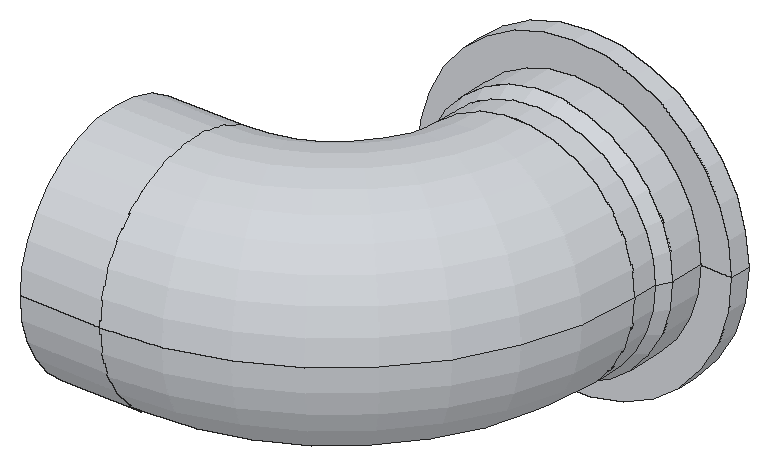
Revit family "3345544e798b47219a5e6432f7ec28f9", category Pipe Fittings, Revit 2021
Family settings
  Round Connector Dimension = Use Radius
  Part Type = Elbow
  OmniClass Number = 23.60.30.11.14
  OmniClass Title = Pipework Fittings
  Seek Item ID = Elbow - Threaded - MI - Class 300-0000-USA-ENU
  Work Plane-Based = No
  Always vertical = Yes
  Cut with Voids When Loaded = No
  Shared = No
Parameters (values of type "Standard")
  Tick Size [instance] = Fitting Outside Diameter * 0.4  # 6.1200"
  Socket Outside Radius [instance] = Socket Outside Diameter / 2  # 8.0950"
  Socket Outside Diameter [instance] = size_lookup(Lookup Table Name, "SOD", 1.08 * Nominal Diameter + 1.1200", Nominal Diameter)  # 16.1900"
  Socket Depth [instance] = if(Nominal Diameter < 14.0000", 2.5000", if(Nominal Diameter < 30.0000", 3.5000", 4.0000"))  # 3.5000"
  Lookup Table Name = "Bend - MJ x PE - GI - Class 150"
  Length 5 [instance] = Length 4 + Bevel Length + Socket Depth  # 6.0000"
  Length 4 [instance] = Center to Socket Bottom 1 - Bevel Length - Length 1  # 1.6100"
  Length 3 [instance] = sin(Angle) * (Center to Socket Bottom 1 + Socket Depth)  # 17.5000"
  Length 2 [instance] = cos(Angle) * (Center to Socket Bottom 1 + Socket Depth)  # 0.0000"
  Length 1 [instance] = tan(Angle / 2) * Center Radius  # 11.5000"
  Fitting Outside Radius [instance] = Fitting Outside Diameter / 2  # 7.6500"
  Fitting Outside Diameter [instance] = size_lookup(Lookup Table Name, "FOD", 1.04 * Nominal Diameter + 0.7000", Nominal Diameter)  # 15.3000"
  Nominal Radius [instance] = 7.0000"
  Nominal Diameter [instance] = Nominal Radius * 2  # 14.0000"
  Loss Method = K Coefficient from Table
  K Coefficient Table = "Long Radius Elbow"
  Default Elevation = 0.0000"
  Bevel Length [instance] = size_lookup(Lookup Table Name, "BvLgt", 0.04 * Nominal Diameter + 0.4300", Nominal Diameter)  # 0.8900"
  Center to Socket Bottom 2 [instance] = size_lookup(Lookup Table Name, "CtSB2", sin(Angle) * (0.75 * Nominal Diameter + 4.2500"), Nominal Diameter, Angle)  # 16.6200"
  Center to Socket Bottom 1 [instance] = size_lookup(Lookup Table Name, "CtSB1", Center to Socket Bottom 1 Not Found, Nominal Diameter, Angle)  # 14.0000"
  Center to Socket Bottom 1 Not Found [instance] = tan(Angle / 2) * Center Radius + Bevel Length + Socket Depth  # 15.8900"
  Center Radius [instance] = size_lookup(Lookup Table Name, "CRad", 0.69 * Nominal Diameter + 1.8100", Nominal Diameter, Angle)  # 11.5000"
  Gland Width [instance] = size_lookup(Lookup Table Name, "GWid", 0.03 * Nominal Diameter + 0.9400", Nominal Diameter)  # 1.3100"
  Gland Outside Radius [instance] = Gland Outside Diameter / 2  # 10.1250"
  Gland Outside Diameter [instance] = size_lookup(Lookup Table Name, "GOD", 1.16 * Nominal Diameter + 4.0300", Nominal Diameter)  # 20.2500"
  Assembly Code = ""
  Angle [instance] = 90.00°
Reference planes (in)
  plane 1 "Center (Front/Back)": y = 0
  plane 2: z = 0
  plane 3 "Center (Left/Right)": x = 0
  plane 4: x = -11.5
  plane 5: y = 11.5
  plane 6: y = 6.12
  plane 7: y = -6.12
  plane 8: x = 0
  plane 9: y = 17.5
  plane 10: x = -16.62
Forms (in)
  Sweep 1, solid, detail levels fine
    path in 3D
      loop
        arc (-11.5, 0, 0) -> (-3.36827, 3.36827, 0) -> (0, 11.5, 0) r 11.5
    profile origin (-3.36827, 3.36827, 0) x (-0.707107, 0.707107, 0) y (0, 0, 1)
      loop
        circle (0, 0) r 7.65
  Revolve 2, solid, detail levels fine
    sketch origin (0, 17.5, 0) x (0, -1, 0) y (1, 0, 0)
      loop
        line (0, 0) -> (0, -10.125) -> (1.31, -10.125) -> (1.31, -8.095) -> (3.5, -8.095) -> (4.39, -7.65) -> (6, -7.65) -> (6, 0) -> (0, 0)
      axis (0, 0) -> (6, 0)
    angle from 0 to 360
  Extrusion 3, solid, detail levels fine
    sketch origin (0, 0, 0) x (0, 1, 0) y (0, 0, 1)
      loop
        circle (0, 0) r 7.65
    from -16.62 to -11.5
Cuts and joins
  joined: Sweep 1, Revolve 2, Extrusion 3
Lines and regions (in)
  model lines, style "PipeFitting", detail levels coarse+medium
    curve 1: line (-16.62, 0, 0) -> (-11.5, 0, 0)
    curve 2: arc (-11.5, 0, 0) -> (-3.36827, 3.36827, 0) -> (0, 11.5, 0) r 11.5
    curve 3: line (0, 11.5, 0) -> (0, 17.5, 0)
  sketch lines
    curve 4: arc (-11.5, 0, 0) -> (-3.36827, 3.36827, 0) -> (0, 11.5, 0) r 11.5
  model lines, detail levels coarse+medium
    curve 5: line (-16.62, 0, 0) -> (-16.62, 6.12, 0)
    curve 6: line (-16.62, 0, 0) -> (-16.62, -6.12, 0)
    curve 7: line (0, 17.5, 0) -> (-6.12, 17.5, 0)
    curve 8: line (0, 17.5, 0) -> (6.12, 17.5, 0)
  reference lines, not visible
    curve 9: line (0, 17.5, 0) -> (0, 10.18528, 0)
Dimensions and locks (in)
  "Center Radius": plane 5 to plane 1 "Center (Front/Back)"
  "Tick Size": plane 6 to plane 1 "Center (Front/Back)"
  "Tick Size": plane 7 to plane 1 "Center (Front/Back)"
  "Tick Size": curve 7 to curve 7
  "Tick Size": curve 8 to curve 8
  "Socket Outside Radius": Revolve 2 sketch curve to Revolve 2 sketch curve
  "Gland Width": Revolve 2 sketch curve to Revolve 2 sketch curve
  "Fitting Outside Radius": Revolve 2 sketch curve to Revolve 2 sketch curve
  "Gland Outside Radius": Revolve 2 sketch curve to Revolve 2 sketch curve
  "Socket Depth": Revolve 2 sketch curve to Revolve 2 sketch curve
  "Length 1": plane 4 to plane 3 "Center (Left/Right)"
  "Length 3": plane 9 to plane 1 "Center (Front/Back)"
  "Center to Socket Bottom 2": plane 10 to plane 3 "Center (Left/Right)"
  "Length 2": plane 3 "Center (Left/Right)" to plane 8
  "Length 5": Revolve 2 sketch curve to Revolve 2 sketch curve
  "Length 4": Revolve 2 sketch curve to Revolve 2 sketch curve
  "Center Radius": radius of curve 2
  "Fitting Outside Radius": radius of Sweep 1 sketch curve
  "Fitting Outside Radius": radius of Extrusion 3 sketch curve
  "Angle": angle curve 2 to curve 2
  "Angle": angle plane 1 "Center (Front/Back)" to curve 3
  locked: curve 8 to curve 3 (angle 90.00°)
  locked: curve 3 to curve 7 (angle 90.00°)
  "Angle": angle plane 9 to curve 9
  aligned and locked: plane 4 to curve 2
  aligned and locked: plane 6 to curve 5
  aligned and locked: plane 1 "Center (Front/Back)" to curve 6
  aligned and locked: plane 7 to curve 6
  aligned and locked: plane 8 to curve 9
  aligned and locked: plane 9 to curve 9
  aligned and locked: Revolve 2 sketch curve to curve 9
  aligned and locked: curve 6 to plane 10
  aligned and locked: plane 1 "Center (Front/Back)" to Extrusion 3 sketch curve
  aligned and locked: plane 2 to Extrusion 3 sketch curve
  aligned and locked: Extrusion 3 to plane 10
  aligned and locked: plane 4 to Extrusion 3
Automatic sketch dimensions
  Sweep 1 sketch curve to profile plane = 0.0000"  (x2)
  curve 3 to plane 9 = 0.0000"
  Revolve 2 sketch curve to curve 9 = 0.0000"  (x2)
  Revolve 2 sketch curve to Revolve 2 sketch curve = 1.0000"
  Revolve 2 sketch curve to Revolve 2 sketch curve = 0.78127"
Connectors (in)
  piping at (-16.62, 0, 0), diameter 14, driven by "Nominal Radius", driven by "Angle"
    settings: on Extrusion 3, index 1, connector inside diameter 14.0000", connector length 0.0000", flow factor 0, pipe flow 0 GPM, pressure drop 0.00 psi, fitting loss kfactor 0, connector angle 90.00°, fixture units 0, engagement length 0.0000", angle of deflection 0.00°, flow configuration 0, flow direction 0, fitting loss method 0, system type 28, joint type 0, gender type 0, connector reference index 2, connector utility 0, adjustable connector no, is connector primary yes, connector description ""
  piping at (0, 17.5, 0), diameter 14, driven by "Nominal Radius", driven by "Angle"
    settings: on Revolve 2, index 2, connector inside diameter 14.0000", connector length 0.0000", flow factor 0, pipe flow 0 GPM, pressure drop 0.00 psi, fitting loss kfactor 0, connector angle 90.00°, fixture units 0, engagement length 0.0000", angle of deflection 0.00°, flow configuration 0, flow direction 0, fitting loss method 0, system type 28, joint type 0, gender type 0, connector reference index 1, connector utility 0, adjustable connector no, is connector primary no, connector description ""
